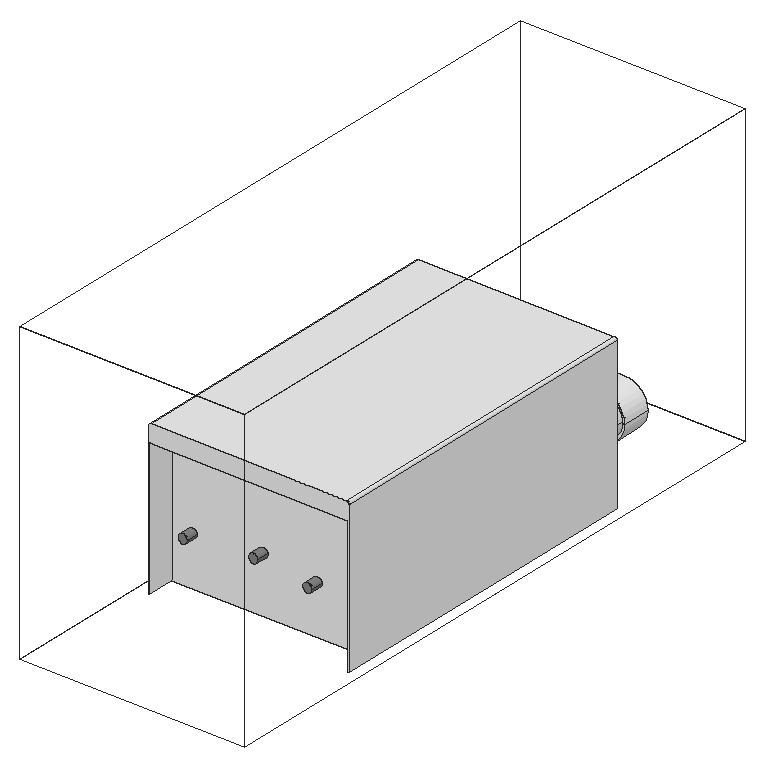
Revit family "Boiler-WeilMcLain-Aquabalance", category Mechanical Equipment, host Face, Revit 2015
Parameters (values of type "WMB-155")
  Width = 1' - 4 69/128"
  Voltage = 120 V
  Service Clearance [instance] = not(Combustion Clearance)  # no
  Power Factor = 1  # constant formula
  Phase = 1
  Number of Poles = 1
  Model = "WMB-155"
  Manufacturer = "Weil-McLain"  # constant formula
  Frequency = 60 Hz
  Flue Outlet = 3"
  D [instance] = if(Combustion Clearance, 1' 0", 3' 0")  # 1' - 0"
  Combustion Clearance [instance] = yes
  Combustion Air = 3"
  URL = "https://www.weil-mclain.com/"
  Product Page URL = "http://aquabalanceboiler.com/"
  Product Name = "Aquabalance"  # constant formula
  Product Documentation Link = "http://aquabalanceboiler.com/wp-content/uploads/2017/08/WM-AquaBalance-Submittal-0717.pdf"
  Hot Water Outlet = 3/4"
  Height = 2' - 3 143/256"
  Heating System Tapping = 0' - 0 3/8"
  Heating System Supply = 1"
  Heating System Return = 1"
  Gas Connection = 1/2"
  Description = "Gas Boiler"
  Depth = 1' - 0 77/128"
  Default Elevation = 4' - 0"
  Cold Water Supply = 3/4"
  Clearance [instance] = yes
  C [instance] = if(Combustion Clearance, 1' 0", 2' 0")  # 1' - 0"
  B [instance] = if(Combustion Clearance, 1' 0", 3' 0")  # 1' - 0"
  Actual Heating Water Flow = 4 GPM
  A [instance] = if(Combustion Clearance, 0' 1", 3' 0")  # 0' - 1"
  3 = 0' - 4 59/128"
  2 = 0' - 5 53/64"
Types (4): name | Model | Heating System Supply | Heating System Return | Actual Heating Water Flow | 3 | 2
  (no name) | "WMB-155" | 1" | 1" | 4 GPM | 0' - 4 59/128" | 0' - 5 53/64"
  WMB-80 | "WMB-80" | 3/4" | 3/4" | 2 GPM | 0' - 5.85" | 0' - 4.409"
  WMB-120 | "WMB-120" | 3/4" | 3/4" | 3.2 GPM | 0' - 5.85" | 0' - 4.409"
  WMB-155 | "WMB-155" | 1" | 1" | 4 GPM | 0' - 4 59/128" | 0' - 5 53/64"
Reference planes (in)
  plane 1 "Center (Front/Back)": y = 0
  plane 2: z = 0
  plane 3 "Center (Left/Right)": x = 0
  plane 4: y = 27.55859
  plane 5: x = -8.26953
  plane 6: x = 8.26953
  plane 7: z = 12.60156
  plane 8: x = -0.04953
  plane 9: x = 4.67047
  plane 10: z = 4.33
  plane 11: z = 4.13
  plane 12: z = 4.73
  plane 13: x = -6.44953
  plane 14: x = -0.62141
  plane 15: x = 3.83953
  plane 16: y = 2.24371
  plane 17 "A Left": x = -9.26953
  plane 18 "A Right": x = 9.26953
  plane 19 "C": y = 39.55859
  plane 20 "D": y = -12
  plane 21: z = 24.60156
Forms (in)
  Extrusion 1, solid, material "Metal - Weil-McLain - Steel"
    sketch origin (-21.85323, 2.24371, 48) x (-1, 0, 0) y (0, 0, 1)
      loop
        circle (-15.4037, -43.87) r 0.375
    from 0 to -1
  Extrusion 2, solid, material "Metal - Weil-McLain - Steel"
    sketch origin (-21.85323, 2.24371, 48) x (-1, 0, 0) y (0, 0, 1)
      loop
        circle (-25.69276, -43.87) r 0.375
    from 0 to -1
  Extrusion 3, solid, material "Metal - Weil-McLain - Steel"
    sketch origin (-21.85323, 2.24371, 48) x (-1, 0, 0) y (0, 0, 1)
      loop
        circle (-21.23182, -43.27) r 0.375
    from 0 to -1
  Extrusion 4, solid, material "Metal - Weil-McLain - White"
    sketch origin (0, 0, 0) x (1, 0, 0) y (0, 0, 1)
      loop
        arc (-8.0361, 12.60156) -> (-8.20116, 12.53319) -> (-8.26953, 12.36813) r 0.23343
        line (-8.26953, 12.36813) -> (-8.26953, 0) -> (-8.14453, 0) -> (-8.14453, 11.14701) -> (8.14453, 11.14701) -> (8.14453, 0) -> (8.26953, 0) -> (8.26953, 12.36813)
        arc (8.26953, 12.36813) -> (8.20116, 12.53319) -> (8.0361, 12.60156) r 0.23343
        line (8.0361, 12.60156) -> (-8.0361, 12.60156)
    from -27.55859 to 0
  Extrusion 5, solid, material "Metal - Weil-McLain - White"
    sketch origin (0, 0, 0) x (1, 0, 0) y (0, 0, 1)
      loop
        line (-8.14453, 11.14701) -> (-8.14453, 0) -> (8.14453, 0) -> (8.14453, 11.14701) -> (-8.14453, 11.14701)
    from -27.55859 to -2.24371
  Revolve 6, solid, material "Metal - Weil-McLain - White"
    sketch origin (-60, -180, 4.33) x (-1, 0, 0) y (0, -1, 0)
      loop
        line (-59.95047, -212.78457) -> (-58.02035, -212.78457) -> (-58.02035, -210.48652) -> (-58.27749, -210.48652) -> (-58.27749, -207.55859) -> (-59.95047, -207.55859) -> (-59.95047, -212.78457)
      axis (-59.95047, -212.78457) -> (-59.95047, -207.55859)
    angle from 0 to 360
  Revolve 7, solid, material "Metal - Weil-McLain - White"
    sketch origin (-60, -180, 4.33) x (-1, 0, 0) y (0, -1, 0)
      loop
        line (-64.67047, -212.78457) -> (-62.74035, -212.78457) -> (-62.74035, -210.48652) -> (-62.98234, -210.48652) -> (-62.98234, -207.55859) -> (-64.67047, -207.55859) -> (-64.67047, -212.78457)
      axis (-64.67047, -212.78457) -> (-64.67047, -207.55859)
    angle from 0 to 360
  Extrusion 8, solid, material "Metal - Weil-McLain - White"
    sketch origin (-21.85323, 27.55859, 48) x (-1, 0, 0) y (0, 0, 1)
      loop
        line (-25.2233, -41.20652) -> (-26.57123, -41.19938) -> (-27.93466, -41.20652)
        arc (-27.93466, -41.20652) -> (-28.62698, -41.49329) -> (-28.91375, -42.18562) r 0.9791
        line (-28.91375, -42.18562) -> (-28.91375, -44.90438)
        arc (-28.91375, -44.90438) -> (-28.62698, -45.59671) -> (-27.93466, -45.88348) r 0.9791
        line (-27.93466, -45.88348) -> (-25.22211, -45.88348)
        arc (-25.22211, -45.88348) -> (-24.52978, -45.59671) -> (-24.24301, -44.90438) r 0.9791
        line (-24.24301, -44.90438) -> (-24.24301, -42.18562)
        arc (-24.24301, -42.18562) -> (-24.5302, -41.49287) -> (-25.2233, -41.20652) r 0.9791
    from 0 to 0.125
  Extrusion 9, solid, material "Metal - Weil-McLain - White"
    sketch origin (-21.85323, 27.55859, 48) x (-1, 0, 0) y (0, 0, 1)
      loop
        line (-20.49773, -41.20643) -> (-23.20985, -41.20643)
        arc (-23.20985, -41.20643) -> (-23.90232, -41.49325) -> (-24.18915, -42.18572) r 0.9793
        line (-24.18915, -42.18572) -> (-24.18915, -44.90443)
        arc (-24.18915, -44.90443) -> (-23.9024, -45.59669) -> (-23.21015, -45.88343) r 0.979
        line (-23.21015, -45.88343) -> (-20.49768, -45.88343)
        arc (-20.49768, -45.88343) -> (-19.80536, -45.59667) -> (-19.51859, -44.90435) r 0.97909
        line (-19.51859, -44.90435) -> (-19.51859, -42.18557)
        arc (-19.51859, -42.18557) -> (-19.80537, -41.49321) -> (-20.49773, -41.20643) r 0.97914
    from 0 to 0.125
  Extrusion 10, solid, material "Clearances - Weil McLain", visible <- "Clearance"
    sketch origin (0, 0, 0) x (1, 0, 0) y (0, 0, 1)
      loop
        line (9.26953, 24.60156) -> (-9.26953, 24.60156) -> (-9.26953, 0) -> (9.26953, 0) -> (9.26953, 24.60156)
    from -39.55859 to 12
Dimensions and locks (in)
  equal spacing: plane 5, plane 3 "Center (Left/Right)", plane 6
  "Width": plane 5 to plane 6
  "Height": plane 1 "Center (Front/Back)" to plane 4
  "Depth": plane 7 to level
  plane 9 to plane 8 to plane 5 = 0' - 4.72" locked, 0' - 8.22" locked
  locked: level to plane 10 at 4.33
  plane 11 to level = 0' - 4.13"
  plane 12 to level = 0' - 4.73"
  plane 13 to plane 5 = 0' - 1.82"
  "2": plane 14 to plane 13
  "3": plane 15 to plane 14
  locked: plane 13 to Extrusion 1 sketch curve
  locked: plane 11 to Extrusion 1 sketch curve at 0
  plane 15 to Extrusion 2 sketch curve = 0' - 0"
  plane 11 to Extrusion 2 sketch curve = 0' - 0"
  locked: plane 14 to Extrusion 3 sketch curve at 0
  locked: plane 12 to Extrusion 3 sketch curve at 0
  plane 16 to plane 1 "Center (Front/Back)" = 0' - 2.24371"
  Revolve 7 sketch curve to plane 9 = 0' - 1.93012"
  Revolve 7 sketch curve to plane 4 to Revolve 7 sketch curve = 0' - 5.22598", 0' - 0" locked
  locked: Revolve 6 sketch curve to plane 8 at 1.93012
  Revolve 6 sketch curve to plane 4 to Revolve 6 sketch curve = 0' - 5.22598", 0' - 0" locked
  plane 6 to Extrusion 9 sketch curve to Extrusion 9 sketch curve to Extrusion 9 sketch curve to Extrusion 9 sketch curve = 0' - 5 239/256" locked, 0' - 0.9793" locked, 0' - 2.71212" locked, 0' - 0.97914" locked
  plane 6 to Extrusion 9 sketch curve to Extrusion 9 sketch curve = 0' - 6.91261" locked, 0' - 2.71247" locked
  level to Extrusion 9 sketch curve to Extrusion 9 sketch curve to Extrusion 9 sketch curve to Extrusion 9 sketch curve = 0' - 2.11657" locked, 0' - 0.97909" locked, 0' - 2.71878" locked, 0' - 0.97914" locked
  level to Extrusion 9 sketch curve to Extrusion 9 sketch curve = 0' - 3.09557" locked, 0' - 2.71871" locked
  "A": plane 17 "A Left" to plane 5
  "A": plane 6 to plane 18 "A Right"
  "C": plane 19 "C" to plane 4
  "B": plane 20 "D" to plane 1 "Center (Front/Back)"
  "D": plane 7 to plane 21
  "Heating System Tapping": radius of Extrusion 1 sketch curve
  "Heating System Tapping": radius of Extrusion 2 sketch curve
  radius of Extrusion 3 sketch curve = 0' - 0 3/8"
  aligned and locked: plane 2 to host face
  aligned and locked: level to host face
  aligned and locked: plane 4 to Extrusion 4
  aligned and locked: plane 1 "Center (Front/Back)" to Extrusion 4
  aligned and locked: plane 4 to Extrusion 5
  aligned and locked: Extrusion 5 to plane 16
  aligned and locked: Revolve 7 sketch curve to plane 9  (x2)
  aligned and locked: Revolve 6 sketch curve to plane 8  (x2)
  aligned and locked: plane 17 "A Left" to Extrusion 10 sketch curve
  aligned and locked: plane 2 to Extrusion 10 sketch curve
  aligned and locked: Extrusion 10 sketch curve to plane 18 "A Right"
  aligned and locked: Extrusion 10 sketch curve to plane 21
  aligned and locked: plane 19 "C" to Extrusion 10
  aligned and locked: Extrusion 10 to plane 20 "D"
Automatic sketch dimensions
  host sketch curve to host sketch curve = 8' - 0"  (x2)
  Extrusion 4 sketch curve to plane 5 = 0' - 0"
  Extrusion 4 sketch curve to level = 0' - 0"  (x2)
  Extrusion 4 sketch curve to plane 7 = 0' - 0"
  Extrusion 4 sketch curve to plane 6 = 0' - 0"
  plane 5 to Extrusion 4 sketch curve = 0' - 0 1/8"
  plane 5 to Extrusion 4 sketch curve = 0' - 0.23343"
  Extrusion 4 sketch curve to plane 6 = 0' - 0.23343"
  Extrusion 4 sketch curve to plane 6 = 0' - 0 1/8"
  Extrusion 4 sketch curve to Extrusion 4 sketch curve = 0' - 1.22112"
  Extrusion 5 sketch curve to level = 0' - 0"
  plane 5 to Extrusion 5 sketch curve = 0' - 0 1/8"
  Extrusion 5 sketch curve to plane 6 = 0' - 0 1/8"
  Extrusion 5 sketch curve to plane 7 = 0' - 1.45455"
  Extrusion 8 sketch curve to plane 6 = 0' - 1.209"
  Extrusion 8 sketch curve to Extrusion 8 sketch curve = 0' - 0.9791"  (x3)
  plane 9 to Extrusion 8 sketch curve = 0' - 0.04754"
  Extrusion 8 sketch curve to plane 15 = 0' - 0.46946"
  Extrusion 8 sketch curve to plane 15 = 0' - 0.47065"  (x2)
  Extrusion 8 sketch curve to plane 11 = 0' - 2.01348"
  plane 12 to Extrusion 8 sketch curve = 0' - 1.08438"  (x2)
  Extrusion 8 sketch curve to Extrusion 8 sketch curve = 0' - 0.00714"
  Revolve 6 sketch curve to Revolve 6 sketch curve = 0' - 0.25714"
  Revolve 6 sketch curve to Revolve 6 sketch curve = 0' - 3 1/2"
  Revolve 6 sketch curve to plane 4 = 0' - 1.27402"
  Revolve 6 sketch curve to Revolve 6 sketch curve = 0' - 2.29805"
  Revolve 7 sketch curve to Revolve 7 sketch curve = 0' - 3 1/2"
  Revolve 7 sketch curve to Revolve 7 sketch curve = 0' - 1.27402"
  Revolve 7 sketch curve to Revolve 7 sketch curve = 0' - 0.24199"
  Revolve 7 sketch curve to Revolve 7 sketch curve = 0' - 2.29805"
  radius of Extrusion 1 sketch curve = 0' - 0 3/8"
Connectors (in)
  hvac at (4.67047, 32.78457, 4.33), driven by "Combustion Air"
    settings: on Revolve 7, index 1, duct flow 0 CFM, flow factor 0, pres drop 0.00 in-wg, loss coef 0, conn angle 0.00°, conn width 12", conn height 12", conn diameter 3", duct sys type 3, conn prof type 0, flow config 0, flow direction 2, loss method 0, conn ref index -1, conn util no, is conn primary yes, conn desc "Combustion Air"
  hvac at (-0.04953, 32.78457, 4.33), driven by "Flue Outlet"
    settings: on Revolve 6, index 2, duct flow 0 CFM, flow factor 0, pres drop 0.00 in-wg, loss coef 0, conn angle 0.00°, conn width 12", conn height 12", conn diameter 3", duct sys type 4, conn prof type 0, flow config 0, flow direction 1, loss method 0, conn ref index -1, conn util no, is conn primary no, conn desc "Flue Outlet"
  piping at (-6.44953, 1.24371, 4.13), diameter 1, driven by "Heating System Supply"
    settings: on Extrusion 1, index 3, connector inside diameter 24", connector length 0' - 0", flow factor 0, pipe flow 0 GPM, pressure drop 0.00 psi, fitting loss kfactor 0, connector angle 0.00°, fixture units 0, engagement length 0' - 0", angle of deflection 0.00°, flow configuration 0, flow direction 0, fitting loss method 0, system type 19, joint type 0, gender type 0, connector reference index -1, connector utility 0, adjustable connector no, is connector primary yes, connector description "Heating System Supply"
  piping at (-0.62141, 1.24371, 4.73), diameter 0.5, driven by "Gas Connection"
    settings: on Extrusion 3, index 4, connector inside diameter 24", connector length 0' - 0", flow factor 0, pipe flow 0 GPM, pressure drop 0.00 psi, fitting loss kfactor 0, connector angle 0.00°, fixture units 0, engagement length 0' - 0", angle of deflection 0.00°, flow configuration 0, flow direction 1, fitting loss method 0, system type 22, joint type 0, gender type 0, connector reference index -1, connector utility 0, adjustable connector no, is connector primary no, connector description "Gas Connection"
  piping at (3.83953, 1.24371, 4.13), diameter 1, driven by "Heating System Return"
    settings: on Extrusion 2, index 5, connector inside diameter 24", connector length 0' - 0", flow factor 0, pipe flow 0 GPM, pressure drop 0.00 psi, fitting loss kfactor 0, connector angle 0.00°, fixture units 0, engagement length 0' - 0", angle of deflection 0.00°, flow configuration 0, flow direction 1, fitting loss method 0, system type 19, joint type 0, gender type 0, connector reference index -1, connector utility 0, adjustable connector no, is connector primary no, connector description "Heating System Return"
